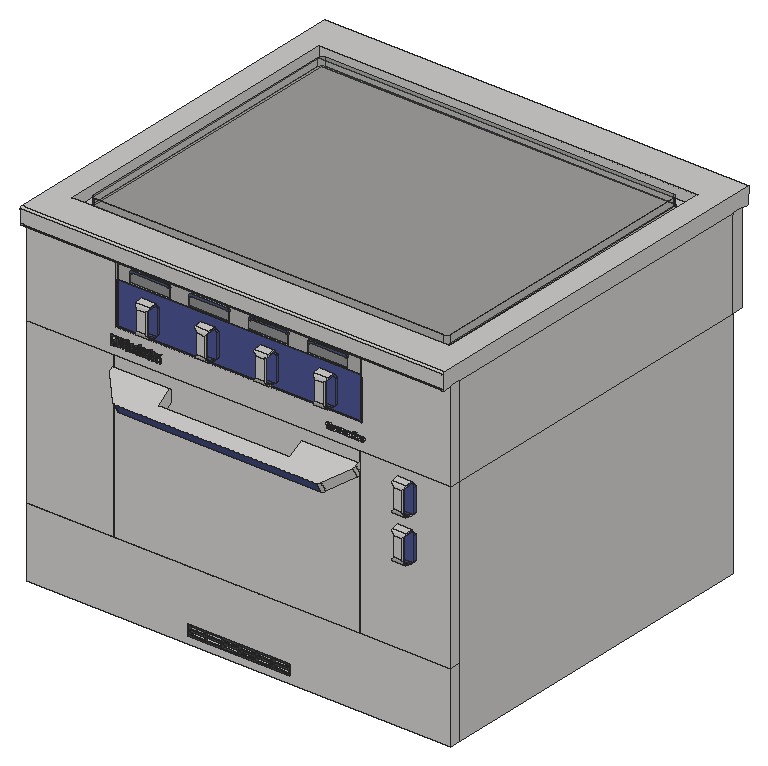
Revit family "QF_ELECTROLUXPROFESSIONAL_589663_MCTGFAJ8AO", category Attrezzature speciali, Revit 2020
Family settings
  Quota connettore circolare = Usa diametro
  Tipo di parte = Normale
  Basato su piano di lavoro = No
  Sempre verticale = Sì
  Taglio con vuoti quando caricato = No
  Condiviso = No
  Punto di calcolo locali = No
Parameters (values of type "Standard")
  Weight = 258.00 kg
  Watts = 21300 W
  Volts = 400 V
  URL Manufacturer = "https://www.electroluxprofessional.com/"
  URL = "https://www.electroluxprofessional.com/"
  Steam Supply Size = 0"
  Steam Supply Minimum Pressure = 0.00 psi
  Steam Supply Maximum Pressure = 0.00 psi
  Steam Consumption per Hour = 0
  Refrigeration Suction Line Size = 0 mm
  Refrigeration Liquid Line Size = 0 mm
  Refrigerant Compressor Remote = yes
  Prospetto di default = 0 mm
  Phase = 3
  Modello = "MCTGFAJ8AO"
  Produttore = "Electrolux Professional"
  Length Actual = 1000 mm  # constant formula
  Item Number = "589663"
  Hot Water Size = 0"
  Height Actual = 800 mm  # constant formula
  HP = "28.6 HP"
  Gas Size = 0"
  Gas KW = 0
  Gas Input Pressure = 0.0 Btu/h
  Direct Waste Size = 0"
  Descrizione = "EL.FREE COOK.ST.OVEN,1S,1000X900X800H"
  Depth Actual = 900 mm  # constant formula
  Cycle = 50 Hz
  Condensate Return Size = 0"
  Compressed Air Volume = 0 GPM
  Compressed Air Size = 0"
  Compressed Air Pressure = 0.00 psi
  Cold Water Size = 0"
  Accessory = yes
Reference planes
  plane 1 "BACK": y = 0
  plane 2: z = 0
  plane 3 "LEFT": x = -100
  plane 4 "RIGHT": x = 900
  plane 5 "FRONT": y = -900
  plane 6 "TOP": z = 900
  plane 7 "Center (Left/Right)": x = 400
  plane 8: y = -450
  plane 9: z = 100
  plane 10: y = -150
  plane 11 "Panel": y = -855
  plane 12: z = 798
  plane 13: z = 1327
  plane 14: x = -22
  plane 15: x = 822
  plane 16: y = -150
  plane 17: y = -650
  plane 18 "EIx": x = 855
  plane 19 "EIy": y = -685
  plane 20: y = -880
  plane 21: z = 938
Forms (mm)
  Extrusion 1, solid, material "QF_Finishes_Stainless Steel"
    sketch origin (-178.969, -4572, 100) x (-1, 0, 0) y (0, -1, 0)
      loop
        line (-78.969, -4527) -> (-78.969, -3717) -> (-1078.969, -3717) -> (-1078.969, -4527) -> (-78.969, -4527)
    from 550 to 762.969
  Extrusion 2, solid, material "QF_Finishes_Stainless Steel"
    sketch origin (-100, 0, -100) x (0, 1, 0) y (0, 0, 1)
      loop
        line (-855, 200) -> (-855, 365) -> (-880, 365) -> (-880, 200) -> (-855, 200)
    from 0 to 1000
  Extrusion 3, solid, material "QF_Finishes_Stainless Steel"
    sketch origin (-488.969, -4662, 100) x (-1, 0, 0) y (0, -1, 0)
      loop
        circle (-1343.969, -3977) r 6.35
    from 0 to -11.851
  Extrusion 4, solid, material "QF_Finishes_Stainless Steel"
    sketch origin (400, 296.4, 1219.2) x (0, 1, 0) y (0, 0, 1)
      loop
        line (-296.4, -319.2) -> (-1191.4, -319.2)
        arc (-1191.4, -319.2) -> (-1194.935, -320.664) -> (-1196.4, -324.2) r 5
        line (-1196.4, -324.2) -> (-1196.4, -355.2)
        arc (-1196.4, -355.2) -> (-1194.971, -358.264) -> (-1191.705, -359.139) r 4
        line (-1191.705, -359.139) -> (-1176.4, -356.231) -> (-316.4, -356.231) -> (-301.094, -359.139)
        arc (-301.094, -359.139) -> (-297.829, -358.264) -> (-296.4, -355.2) r 4
        line (-296.4, -355.2) -> (-296.4, -319.2)
    from -500 to 500
  Extrusion 5, solid, material "QF_Finishes_Electrolux_Black Smoke Iluminated"
    sketch origin (0, 0, 900) x (-1, 0, 0) y (0, -1, 0)
      loop
        arc (12, 109) -> (19.071, 111.929) -> (22, 119) r 10
        line (22, 119) -> (22, 780)
        arc (22, 780) -> (19.071, 787.071) -> (12, 790) r 10
        line (12, 790) -> (-812, 790)
        arc (-812, 790) -> (-819.071, 787.071) -> (-822, 780) r 10
        line (-822, 780) -> (-822, 119)
        arc (-822, 119) -> (-819.071, 111.929) -> (-812, 109) r 10
        line (-812, 109) -> (12, 109)
    from 0 to -20
  Extrusion 6, solid, material "QF_Finishes_Stainless Steel"
    sketch origin (-178.969, -4572, 100) x (-1, 0, 0) y (0, -1, 0)
      loop
        line (-78.969, -4527) -> (-78.969, -3717) -> (-1078.969, -3717) -> (-1078.969, -4527) -> (-78.969, -4527)
    from 550 to 0
  Extrusion 7, void
    sketch origin (0, -855, -100) x (-1, 0, 0) y (0, 0, 1)
      loop
        line (-520, 216.594) -> (-280, 216.594) -> (-280, 241.594) -> (-520, 241.594) -> (-520, 216.594)
    from 0 to -25
  Extrusion 8, solid, material "QF_Finishes_Black"
    sketch origin (0, -855, -100) x (-1, 0, 0) y (0, 0, 1)
      loop
        line (-280, 241.594) -> (-520, 241.594) -> (-520, 216.594) -> (-280, 216.594) -> (-280, 241.594)
      loop
        line (-282, 239.594) -> (-319.131, 239.594) -> (-319.131, 230.094) -> (-282, 230.094) -> (-282, 239.594)
      loop
        line (-282, 218.594) -> (-282, 228.094) -> (-319.131, 228.094) -> (-319.131, 218.594) -> (-282, 218.594)
      loop
        line (-321.131, 239.594) -> (-359.066, 239.594) -> (-359.066, 230.094) -> (-321.131, 230.094) -> (-321.131, 239.594)
      loop
        line (-399, 239.594) -> (-399, 230.094) -> (-361.066, 230.094) -> (-361.066, 239.594) -> (-399, 239.594)
      loop
        line (-401, 239.594) -> (-438.934, 239.594) -> (-438.934, 230.094) -> (-401, 230.094) -> (-401, 239.594)
      loop
        line (-359.066, 218.594) -> (-321.131, 218.594) -> (-321.131, 228.094) -> (-359.066, 228.094) -> (-359.066, 218.594)
      loop
        line (-361.066, 218.594) -> (-361.066, 228.094) -> (-399, 228.094) -> (-399, 218.594) -> (-361.066, 218.594)
      loop
        line (-401, 228.094) -> (-438.934, 228.094) -> (-438.934, 218.594) -> (-401, 218.594) -> (-401, 228.094)
      loop
        line (-518, 239.594) -> (-518, 230.094) -> (-480.869, 230.094) -> (-480.869, 239.594) -> (-518, 239.594)
      loop
        line (-518, 218.594) -> (-480.869, 218.594) -> (-480.869, 228.094) -> (-518, 228.094) -> (-518, 218.594)
      loop
        line (-478.869, 239.594) -> (-478.869, 230.094) -> (-440.934, 230.094) -> (-440.934, 239.594) -> (-478.869, 239.594)
      loop
        line (-440.934, 218.594) -> (-440.934, 228.094) -> (-478.869, 228.094) -> (-478.869, 218.594) -> (-440.934, 218.594)
    from -25.03 to -20
  Extrusion 9, void
    sketch origin (0, 0, 900) x (-1, 0, 0) y (0, -1, 0)
      loop
        line (47, 815) -> (-847, 815) -> (-847, 84) -> (47, 84) -> (47, 815)
    from 0 to -25
  Extrusion 10, solid, material "QF_Finishes_Stainless Steel"
    sketch origin (0, 0, 900) x (-1, 0, 0) y (0, -1, 0)
      loop
        line (18, 113) -> (18, 786) -> (-818, 786) -> (-818, 113) -> (18, 113)
    from -20 to -25
  Extrusion 11, solid, material "QF_Finishes_Stainless Steel"
    sketch origin (400, 296.4, 1219.2) x (0, 1, 0) y (0, 0, 1)
      loop
        line (-341.4, -569.2) -> (-316.4, -569.2) -> (-316.4, -356.231) -> (-341.4, -356.231) -> (-341.4, -569.2)
    from -500 to 500
Cuts and joins
  Extrusion 7 cuts Extrusion 6
  Extrusion 7 cuts Extrusion 2
  Extrusion 9 cuts Extrusion 4
Lines and regions (mm)
  symbolic lines
    curve 1: line (-100, 0, 100) -> (900, 0, 100)
    curve 2: line (-100, -900, 100) -> (-100, 0, 100)
    curve 3: line (900, -900, 100) -> (-100, -900, 100)
    curve 4: line (900, 0, 100) -> (900, -900, 100)
    curve 5: line (812, -109, 100) -> (-12, -109, 100)
    curve 6: line (-22, -119, 100) -> (-22, -780, 100)
    curve 7: line (-12, -790, 100) -> (812, -790, 100)
    curve 8: line (822, -780, 100) -> (822, -119, 100)
    curve 9: arc (-12, -109, 100) -> (-19.071, -111.929, 100) -> (-22, -119, 100) r 10
    curve 10: arc (822, -119, 100) -> (819.071, -111.929, 100) -> (812, -109, 100) r 10
    curve 11: arc (812, -790, 100) -> (819.071, -787.071, 100) -> (822, -780, 100) r 10
    curve 12: arc (-22, -780, 100) -> (-19.071, -787.071, 100) -> (-12, -790, 100) r 10
    curve 13: line (847, -84, 900) -> (-47, -84, 900)
    curve 14: line (-47, -84, 900) -> (-47, -815, 900)
    curve 15: line (847, -815, 900) -> (847, -84, 900)
    curve 16: line (-47, -815, 900) -> (847, -815, 900)
Dimensions and locks
  plane 3 "LEFT" to plane 4 "RIGHT" = 1000 mm
  plane 5 "FRONT" to plane 1 "BACK" = 900 mm
  plane 3 "LEFT" to plane 7 "Center (Left/Right)" to plane 4 "RIGHT" = 500 mm, 500 mm
  equal spacing: plane 5 "FRONT", plane 8, plane 1 "BACK"
  plane 6 "TOP" to level = 900 mm  (x2)
  plane 9 to level = 100 mm
  plane 1 "BACK" to plane 10 to plane 11 "Panel" = 150 mm, 705 mm  (x2)
  plane 6 "TOP" to plane 9 to level = 800 mm, 100 mm
  plane 1 "BACK" to plane 5 "FRONT" = 900 mm
  plane 1 "BACK" to Extrusion 3 = 685 mm
  plane 12 to plane 9 = 698 mm
  plane 13 to plane 6 "TOP" = 427 mm
  plane 6 "TOP" to plane 12 = 102 mm
  plane 14 to plane 3 "LEFT" = 78 mm
  plane 15 to plane 4 "RIGHT" = 78 mm
  locked: plane 1 "BACK" to plane 16 at 150
  locked: plane 16 to plane 17 at 500
  plane 11 "Panel" to plane 5 "FRONT" = 45 mm
  plane 18 "EIx" to plane 4 "RIGHT" = 45 mm
  plane 19 "EIy" to plane 1 "BACK" = 685 mm
  locked: plane 11 "Panel" to plane 20 at 25
  plane 21 to plane 6 "TOP" = 38 mm
  aligned and locked: level to plane 2
  aligned and locked: Extrusion 2 to plane 4 "RIGHT"
  aligned and locked: cut or joined group of Extrusion 4, Extrusion 9 to plane 3 "LEFT"
  aligned and locked: cut or joined group of Extrusion 4, Extrusion 9 to plane 4 "RIGHT"
  aligned and locked: cut or joined group of Extrusion 6, Extrusion 7 to plane 4 "RIGHT"
  aligned and locked: cut or joined group of Extrusion 6, Extrusion 7 to plane 3 "LEFT"
  aligned and locked: nested 1 to plane 11 "Panel"
  aligned and locked: nested 4 to plane 11 "Panel"
  aligned and locked: Extrusion 1 to plane 11 "Panel"
  aligned and locked: plane 11 "Panel" to cut or joined group of Extrusion 2, Extrusion 7
  aligned and locked: nested 2 to plane 20
  aligned and locked: nested 3 to plane 20
  aligned and locked: Extrusion 1 to plane 3 "LEFT"
  aligned and locked: Extrusion 1 to plane 4 "RIGHT"
  aligned and locked: plane 3 "LEFT" to nested 1
  aligned and locked: cut or joined group of Extrusion 2, Extrusion 7 to nested 1
  aligned and locked: Extrusion 1 to cut or joined group of Extrusion 4, Extrusion 9
  aligned and locked: cut or joined group of Extrusion 6, Extrusion 7 to nested 4
  aligned and locked: Extrusion 1 to cut or joined group of Extrusion 6, Extrusion 7
  aligned and locked: Extrusion 11 to plane 3 "LEFT"
  aligned and locked: Extrusion 11 to plane 4 "RIGHT"
Automatic sketch dimensions
  Extrusion 1 sketch curve to plane 4 "RIGHT" = 0 mm
  Extrusion 1 sketch curve to plane 3 "LEFT" = 0 mm
  Extrusion 1 sketch curve to plane 11 "Panel" = 0 mm
  plane 1 "BACK" to Extrusion 1 sketch curve = 45 mm
  Extrusion 2 sketch curve to plane 9 = 0 mm
  Extrusion 2 sketch curve to plane 20 = 0 mm
  Extrusion 2 sketch curve to plane 11 "Panel" = 0 mm
  plane 9 to Extrusion 2 sketch curve = 165 mm
  plane 1 "BACK" to curve 1 = 0 mm
  curve 1 to plane 4 "RIGHT" = 0 mm
  curve 8 to plane 15 = 0 mm
  curve 6 to plane 14 = 0 mm
  curve 2 to plane 3 "LEFT" = 0 mm
  plane 5 "FRONT" to curve 3 = 0 mm
  plane 15 to curve 5 = 10 mm
  plane 15 to curve 11 = 10 mm
  curve 5 to plane 14 = 10 mm
  curve 12 to curve 12 = 10 mm
  plane 10 to curve 5 = 41 mm
  plane 11 "Panel" to curve 11 = 75 mm
  Extrusion 3 sketch curve to plane 18 "EIx" = 0 mm
  Extrusion 3 sketch curve to plane 19 "EIy" = 0 mm
  Extrusion 4 sketch curve to plane 5 "FRONT" = 0 mm
  Extrusion 4 sketch curve to plane 6 "TOP" = 0 mm
  Extrusion 4 sketch curve to plane 20 = 0 mm
  Extrusion 4 sketch curve to plane 1 "BACK" = 0 mm
  Extrusion 4 sketch curve to Extrusion 4 sketch curve = 4 mm
  Extrusion 4 sketch curve to Extrusion 4 sketch curve = 0.695 mm
  Extrusion 4 sketch curve to plane 5 "FRONT" = 5 mm
  plane 1 "BACK" to Extrusion 4 sketch curve = 20 mm
  plane 1 "BACK" to Extrusion 4 sketch curve = 4.695 mm
  plane 1 "BACK" to Extrusion 4 sketch curve = 4 mm
  Extrusion 4 sketch curve to Extrusion 4 sketch curve = 31 mm
  Extrusion 4 sketch curve to Extrusion 4 sketch curve = 36 mm
  Extrusion 4 sketch curve to Extrusion 4 sketch curve = 2.909 mm
  Extrusion 5 sketch curve to plane 15 = 0 mm
  Extrusion 5 sketch curve to plane 14 = 0 mm
  plane 15 to Extrusion 5 sketch curve = 10 mm  (x2)
  Extrusion 5 sketch curve to Extrusion 5 sketch curve = 10 mm  (x2)
  plane 10 to Extrusion 5 sketch curve = 41 mm
  plane 11 "Panel" to Extrusion 5 sketch curve = 75 mm
  Extrusion 6 sketch curve to plane 4 "RIGHT" = 0 mm
  Extrusion 6 sketch curve to plane 3 "LEFT" = 0 mm
  Extrusion 6 sketch curve to plane 11 "Panel" = 0 mm
  plane 1 "BACK" to Extrusion 6 sketch curve = 45 mm
  plane 9 to Extrusion 7 sketch curve = 41.594 mm
  plane 7 "Center (Left/Right)" to Extrusion 7 sketch curve = 120 mm
  Extrusion 7 sketch curve to plane 7 "Center (Left/Right)" = 120 mm
  plane 9 to Extrusion 7 sketch curve = 16.594 mm
  plane 9 to Extrusion 8 sketch curve = 41.594 mm
  plane 7 "Center (Left/Right)" to Extrusion 8 sketch curve = 120 mm
  Extrusion 8 sketch curve to Extrusion 8 sketch curve = 2 mm  (x15)
  Extrusion 8 sketch curve to Extrusion 8 sketch curve = 0 mm  (x16)
  Extrusion 8 sketch curve to Extrusion 8 sketch curve = 37.131 mm  (x2)
  Extrusion 8 sketch curve to Extrusion 8 sketch curve = 37.934 mm  (x3)
  plane 7 "Center (Left/Right)" to Extrusion 8 sketch curve = 1 mm  (x2)
  Extrusion 8 sketch curve to plane 7 "Center (Left/Right)" = 1 mm  (x2)
  plane 9 to Extrusion 8 sketch curve = 18.594 mm  (x4)
  Extrusion 8 sketch curve to Extrusion 8 sketch curve = 9.5 mm  (x6)
  plane 18 "EIx" to Extrusion 9 sketch curve = 8 mm
  plane 14 to Extrusion 9 sketch curve = 25 mm
  plane 10 to Extrusion 9 sketch curve = 66 mm
  plane 11 "Panel" to Extrusion 9 sketch curve = 40 mm
  plane 15 to Extrusion 10 sketch curve = 4 mm
  Extrusion 10 sketch curve to plane 14 = 4 mm
  plane 10 to Extrusion 10 sketch curve = 37 mm
  plane 11 "Panel" to Extrusion 10 sketch curve = 69 mm
  plane 18 "EIx" to curve 16 = 8 mm
  plane 14 to curve 16 = 25 mm
  plane 10 to curve 14 = 66 mm
  plane 11 "Panel" to curve 16 = 40 mm
  plane 1 "BACK" to Extrusion 11 sketch curve = 45 mm
  plane 1 "BACK" to Extrusion 11 sketch curve = 20 mm
  Extrusion 11 sketch curve to plane 12 = 148 mm
  Extrusion 11 sketch curve to plane 6 "TOP" = 37.031 mm
  radius of Extrusion 3 sketch curve = 6.35 mm
Nested families
  nested 1: "Door_Panel_W1000_A" at (400, -855, 0), type "Door_Panel_W1000_A"
  nested 2: "FIT Range Control Handle" at (795, -883.137, -372.751), type "FIT Range Control Handle"
  nested 3: "FIT Range Control Handle" at (795, -883.137, -474.751), type "FIT Range Control Handle"
  nested 4: "Front_Panel_W1000_4 Knobs" at (102.376, -855, 0), type "Front_Panel_W1000_4 Knobs"
Connectors
  electrical at (855, -685, 88.149)
    settings: on Extrusion 3, index 1, voltage 400 V, apparent load 33000 VA, apparent load phase1 0 VA, apparent load phase2 0 VA, apparent load phase3 0 VA, power factor 1, load classification "Other", number of poles 1, system type 30, power factor state 1, is connector primary yes, connector utility no, sub classification motor no, connector description "ELECTRICAL CONNECTION"
Definition of nested family "Door_Panel_W1000_A"
  Parameters
    Default Elevation = 0 mm
  Reference planes
    plane 1 "Center (Front/Back)": y = 0
    plane 2 "Ref. Level": z = 0
    plane 3: x = 500
    plane 4: x = -500
    plane 5 "Center (Left/Right)": x = 0
    plane 6: x = -295
    plane 7: x = 285
    plane 8 "Manopola": through (-6096, -50.059, 612.389) normal (0, -0.515, 0.8572)
    plane 9 "Top": z = 650
    plane 10: z = 265
    plane 11: z = 200
  Forms (mm)
    Extrusion 1, solid
      sketch origin (0, 0, 0) x (0, 1, 0) y (0, 0, 1)
        loop
          line (-25.03, 650) -> (-25.03, 265) -> (0, 265) -> (0, 650) -> (-25.03, 650)
      from 285 to 500
    Extrusion 2, solid
      sketch origin (0, 0, 0) x (0, 1, 0) y (0, 0, 1)
        loop
          line (-25.03, 650) -> (-25.03, 265) -> (0, 265) -> (0, 650) -> (-25.03, 650)
      from -500 to -295
    Extrusion 3, solid
      sketch origin (0, 0, 0) x (0, 1, 0) y (0, 0, 1)
        loop
          line (-25.03, 650) -> (-25.03, 265) -> (0, 265) -> (0, 650) -> (-25.03, 650)
      from -295 to 285
    Extrusion 4, solid
      sketch origin (0, -283.633, 472.044) x (0, 0.857167, 0.515038) y (-1, 0, 0)
        loop
          line (299.12, -285) -> (299.12, 295) -> (290.982, 295)
          arc (290.982, 295) -> (286.677, 294.026) -> (283.211, 291.293) r 10
          line (283.211, 291.293) -> (233.28, 250.86)
          arc (233.28, 250.86) -> (230.548, 247.394) -> (229.574, 243.089) r 10
          line (229.574, 243.089) -> (229.574, -233.089)
          arc (229.574, -233.089) -> (230.548, -237.394) -> (233.28, -240.86) r 10
          line (233.28, -240.86) -> (283.211, -281.293)
          arc (283.211, -281.293) -> (286.677, -284.026) -> (290.982, -285) r 10
          line (290.982, -285) -> (299.12, -285)
      from -27 to 0
    Extrusion 5, void
      sketch origin (0, 0, 0) x (0, 1, 0) y (0, 0, 1)
        loop
          line (-61.514, 605.507) -> (-47.608, 582.363) -> (-25.03, 595.93) -> (-25.03, 627.429) -> (-61.514, 605.507)
      from -160 to 150
    Extrusion 6, solid, detail levels coarse
      sketch origin (0, 0, 0) x (0, 1, 0) y (0, 0, 1)
        loop
          line (-25.03, 265) -> (-25.03, 650)
          arc (-25.03, 650) -> (-297.266, 537.236) -> (-410.03, 265) r 385
          line (-410.03, 265) -> (-25.03, 265)
      from -295 to 285
  Cuts and joins
    Extrusion 5 cuts Extrusion 4
    joined: Extrusion 3, Extrusion 4
  Lines and regions (mm)
    symbolic lines
      curve 1: line (-287.355, -45.043, 0) -> (-250.86, -83.673, 0)
      curve 2: line (-243.089, -86.85, 0) -> (233.089, -86.85, 0)
      curve 3: line (240.86, -83.673, 0) -> (277.355, -45.043, 0)
      curve 4: arc (-243.089, -86.85, 0) -> (-247.318, -86.101, 0) -> (-250.86, -83.673, 0) r 10.165
      curve 5: arc (233.089, -86.85, 0) -> (237.318, -86.101, 0) -> (240.86, -83.673, 0) r 10.165
      curve 6: line (-295, -45.043, 0) -> (-295, -410.03, 0)
      curve 7: line (-295, -410.03, 0) -> (285, -410.03, 0)
      curve 8: line (285, -410.03, 0) -> (285, -45.03, 0)
  Dimensions and locks
    plane 3 to plane 4 = 1000 mm
    plane 4 to plane 3 = 1000 mm
    equal spacing: plane 3, plane 5 "Center (Left/Right)", plane 4
    plane 6 to plane 4 = 205 mm
    plane 3 to plane 7 = 215 mm
    plane 11 to level = 200 mm
    plane 10 to plane 11 = 65 mm
    plane 10 to plane 9 "Top" = 385 mm
    plane 9 "Top" to plane 11 = 450 mm
    aligned and locked: plane 3 to Extrusion 1
    aligned and locked: cut or joined group of Extrusion 3, Extrusion 4, Extrusion 5 to plane 6
    aligned and locked: cut or joined group of Extrusion 3, Extrusion 4, Extrusion 5 to plane 7
    aligned and locked: plane 7 to Extrusion 1
    aligned and locked: plane 6 to Extrusion 2
    aligned and locked: Extrusion 2 to plane 4
    aligned and locked: plane 10 to Extrusion 2
    aligned and locked: plane 10 to cut or joined group of Extrusion 3, Extrusion 4, Extrusion 5
    aligned and locked: plane 10 to Extrusion 1
    aligned and locked: Extrusion 6 to plane 6
    aligned and locked: Extrusion 6 to plane 7
  Automatic sketch dimensions
    Extrusion 5 sketch curve to plane 8 "Manopola" = 0 mm  (x2)
    plane 1 "Center (Front/Back)" to Extrusion 5 sketch curve = 61.514 mm
    Extrusion 5 sketch curve to Extrusion 5 sketch curve = 13.906 mm
    plane 1 "Center (Front/Back)" to Extrusion 5 sketch curve = 25.03 mm
    Extrusion 4 sketch curve to plane 7 = 0 mm
    Extrusion 4 sketch curve to plane 6 = 0 mm
    plane 6 to Extrusion 4 sketch curve = 51.911 mm
    plane 7 to Extrusion 4 sketch curve = 44.14 mm
    Extrusion 4 sketch curve to Extrusion 4 sketch curve = 3.707 mm  (x2)
    plane 6 to Extrusion 4 sketch curve = 44.14 mm
    plane 7 to Extrusion 4 sketch curve = 3.707 mm
    Extrusion 4 sketch curve to Extrusion 4 sketch curve = 49.93 mm  (x2)
    plane 6 to Extrusion 4 sketch curve = 3.707 mm
    Extrusion 4 sketch curve to Extrusion 4 sketch curve = 7.771 mm  (x3)
    Extrusion 4 sketch curve to Extrusion 4 sketch curve = 8.138 mm
    Extrusion 2 sketch curve to plane 1 "Center (Front/Back)" = 0 mm
    Extrusion 3 sketch curve to plane 1 "Center (Front/Back)" = 0 mm
    Extrusion 1 sketch curve to plane 1 "Center (Front/Back)" = 0 mm
    Extrusion 2 sketch curve to plane 9 "Top" = 0 mm
    Extrusion 2 sketch curve to Extrusion 2 sketch curve = 25.03 mm
    Extrusion 3 sketch curve to plane 9 "Top" = 0 mm
    Extrusion 3 sketch curve to Extrusion 3 sketch curve = 25.03 mm
    Extrusion 1 sketch curve to plane 9 "Top" = 0 mm
    plane 1 "Center (Front/Back)" to Extrusion 1 sketch curve = 25.03 mm
    level to Extrusion 1 sketch curve = 265 mm
    level to Extrusion 2 sketch curve = 265 mm
    level to Extrusion 3 sketch curve = 265 mm
    plane 10 to Extrusion 6 sketch curve = 0 mm
    Extrusion 6 sketch curve to plane 9 "Top" = 0 mm
    plane 1 "Center (Front/Back)" to Extrusion 6 sketch curve = 25.03 mm
    curve 7 to plane 7 = 0 mm
    plane 6 to curve 1 = 44.14 mm
    curve 4 to curve 4 = 7.389 mm
    curve 4 to curve 2 = 7.771 mm
    plane 7 to curve 2 = 51.911 mm
    curve 2 to curve 5 = 0.382 mm
    curve 2 to curve 3 = 7.771 mm
    plane 1 "Center (Front/Back)" to curve 6 = 410.03 mm
    plane 1 "Center (Front/Back)" to curve 2 = 86.85 mm
    curve 2 to curve 3 = 3.177 mm
    curve 2 to curve 1 = 3.177 mm
    plane 7 to curve 3 = 7.645 mm
    plane 1 "Center (Front/Back)" to curve 3 = 45.043 mm
    curve 3 to curve 8 = 0.013 mm
    curve 7 to plane 6 = 0 mm
    curve 6 to curve 1 = 7.645 mm
    plane 1 "Center (Front/Back)" to curve 1 = 45.043 mm
    curve 6 to curve 1 = 0 mm
Definition of nested family "FIT Range Control Handle"
  Parameters
    Default Elevation = 0 mm
  Reference planes
    plane 1 "Center (Front/Back)": y = 0
    plane 2: z = 0
    plane 3 "Center (Left/Right)": x = 0
    plane 4: z = 971.092
    plane 5: y = -16.8
  Forms (mm)
    Extrusion 1, solid
      sketch origin (-746.28, 380.497, 208.931) x (-1, 0, 0) y (0, 0, 1)
        loop
          line (-770.101, 786.798) -> (-770.101, 731.649)
          arc (-770.101, 731.649) -> (-769.759, 730.563) -> (-768.855, 729.87) r 1.893
          line (-768.855, 729.87) -> (-763.474, 727.911) -> (-729.81, 727.911) -> (-724.428, 729.87)
          arc (-724.428, 729.87) -> (-723.525, 730.563) -> (-723.183, 731.649) r 1.893
          line (-723.183, 731.649) -> (-723.183, 786.798)
          arc (-723.183, 786.798) -> (-723.529, 787.894) -> (-724.44, 788.593) r 1.91
          line (-724.44, 788.593) -> (-729.683, 790.819) -> (-763.601, 790.819) -> (-768.844, 788.593)
          arc (-768.844, 788.593) -> (-769.755, 787.894) -> (-770.101, 786.798) r 1.91
      from -382.35 to -378.852
    Sweep 2, solid
      path origin (-746.788, 380.496, 208.091) x (0, -1, 0) y (0, 0, 1)
        loop
          line (379.775, 793.281) -> (395.661, 791.048)
          arc (395.661, 791.048) -> (397.781, 787.377) -> (398.517, 783.202) r 12.207
          line (398.517, 783.202) -> (398.517, 737.368)
          arc (398.517, 737.368) -> (397.781, 733.193) -> (395.661, 729.522) r 12.207
          line (395.661, 729.522) -> (379.775, 727.289)
      profile origin (-746.788, -7.222, 1000.256) x (0, -0.139173, 0.990268) y (-1, 0, 0)
        loop
          line (0.782, -763.123) -> (0.782, -730.907) -> (-1.322, -730.907) -> (-1.322, -763.123) -> (0.782, -763.123)
    Sweep 3, solid
      path origin (-746.788, 380.715, 207.832) x (0, -1, 0) y (0, 0, 1)
        loop
          line (380.478, 795.442) -> (397.218, 793.09)
          arc (397.218, 793.09) -> (399.929, 788.473) -> (400.871, 783.202) r 15.207
          line (400.871, 783.202) -> (400.871, 737.584)
          arc (400.871, 737.584) -> (399.914, 732.274) -> (397.164, 727.633) r 15.207
          line (397.164, 727.633) -> (380.601, 725.305)
      profile origin (-746.788, -8.132, 1002.099) x (0, -0.139173, 0.990268) y (-1, 0, 0)
        loop
          line (0.782, -763.123) -> (0.782, -730.907) -> (-1.322, -730.907) -> (-1.322, -763.123) -> (0.782, -763.123)
    Extrusion 4, void
      sketch origin (889.253, 220.666, 207.993) x (1, 0, 0) y (0, 0, 1)
        loop
          line (-943.038, 816.854) -> (-943.038, 703.686) -> (-899.466, 734.196) -> (-899.466, 786.344) -> (-943.038, 816.854)
      from 230.636 to 242.25
    Extrusion 5, void
      sketch origin (-888.8, 220.666, 207.993) x (-1, 0, 0) y (0, 0, -1)
        loop
          line (-943.038, -816.854) -> (-899.466, -786.344) -> (-899.466, -734.196) -> (-943.038, -703.686) -> (-943.038, -816.854)
      from 230.636 to 242.25
    Extrusion 6, solid
      sketch origin (0, 0, 0) x (1, 0, 0) y (0, 0, 1)
        loop
          circle (0, 971.092) r 7.736
      from -3.137 to -1.645
  Cuts and joins
    Extrusion 4, Extrusion 5 cuts Sweep 3
    Extrusion 4, Extrusion 5 cuts Sweep 2
    joined: Extrusion 1, Extrusion 6
  Lines and regions (mm)
    symbolic lines
      curve 1: line (-15.881, -19.189, 0) -> (-15.881, -16.8, 0)
      curve 2: line (16.334, -19.189, 0) -> (16.334, -16.8, 0)
      curve 3: spline (-15.881, -19.189, 0) -> (-15.417, -19.349, 0) -> (-14.951, -19.501, 0) -> (-14.483, -19.646, 0) -> (-14.014, -19.783, 0) -> (-13.543, -19.912, 0) -> (-13.071, -20.033, 0) -> (-12.597, -20.146, 0) -> (-12.122, -20.251, 0) -> (-11.646, -20.349, 0) -> (-11.169, -20.438, 0) -> (-10.691, -20.52, 0) -> (-10.213, -20.593, 0)
      curve 4: spline (10.666, -20.593, 0) -> (11.144, -20.52, 0) -> (11.622, -20.438, 0) -> (12.099, -20.349, 0) -> (12.575, -20.251, 0) -> (13.05, -20.146, 0) -> (13.524, -20.033, 0) -> (13.996, -19.912, 0) -> (14.467, -19.783, 0) -> (14.936, -19.646, 0) -> (15.404, -19.501, 0) -> (15.87, -19.349, 0) -> (16.334, -19.189, 0)
      curve 5: line (-10.213, -20.938, 0) -> (10.716, -20.938, 0)
  Dimensions and locks
    cut or joined group of Sweep 3, Extrusion 4, Extrusion 5 to cut or joined group of Sweep 3, Extrusion 4, Extrusion 5 = 71.686 mm
Definition of nested family "Front_Panel_W1000_4 Knobs"
  Parameters
    Default Elevation = 0 mm
  Reference planes
    plane 1 "Center (Front/Back)": y = 0
    plane 2: z = 0
    plane 3 "Center (Left/Right)": x = 297.624
    plane 4 "Left": x = -202.376
    plane 5 "Right": x = 797.624
    plane 6: y = -45
    plane 7: x = 87.624
    plane 8: x = 227.624
    plane 9: y = -310
    plane 10: y = -25
    plane 11: x = -2.376
    plane 12: x = 367.624
    plane 13: x = 507.624
    plane 14: x = 594.715
  Forms (mm)
    Extrusion 1, solid
      sketch origin (833.217, 829.203, -1.25) x (0, 1, 0) y (0, 0, 1)
        loop
          line (-854.203, 651.25) -> (-829.203, 651.25) -> (-829.203, 864.25) -> (-854.203, 864.25) -> (-854.203, 651.25)
      from -1035.593 to -35.593
    Extrusion 2, void
      sketch origin (0, 0, 0) x (1, 0, 0) y (0, 0, 1)
        loop
          line (7.624, 853.866) -> (7.624, 711.866) -> (587.624, 711.866) -> (587.624, 853.866) -> (7.624, 853.866)
      from 19.387 to 33.951
  Cuts and joins
    Extrusion 2 cuts Extrusion 1
  Lines and regions (mm)
    symbolic lines
      curve 1: line (131.124, -45, 0) -> (131.124, -310, 0)
      curve 2: line (131.124, -310, 0) -> (464.124, -310, 0)
      curve 3: line (235.966, -310, 0) -> (240.646, -334.075, 0)
      curve 4: line (240.646, -334.075, 0) -> (354.603, -334.075, 0)
      curve 5: line (354.603, -334.075, 0) -> (359.283, -310, 0)
      curve 6: line (464.124, -310, 0) -> (464.124, -45, 0)
      curve 7: line (131.124, -300, 0) -> (464.124, -300, 0)
      curve 8: line (240.874, -309.046, 0) -> (244.767, -329.075, 0)
      curve 9: line (244.767, -329.075, 0) -> (350.481, -329.075, 0)
      curve 10: line (350.481, -329.075, 0) -> (354.375, -309.046, 0)
  Dimensions and locks
    equal spacing: plane 5 "Right", plane 3 "Center (Left/Right)", plane 4 "Left"
    plane 5 "Right" to plane 4 "Left" = 1000 mm
    plane 3 "Center (Left/Right)" to plane 7 = 210 mm
    plane 3 "Center (Left/Right)" to plane 8 = 70 mm
    plane 6 to plane 9 = 265 mm
    plane 13 to plane 3 "Center (Left/Right)" = 210 mm
    plane 12 to plane 3 "Center (Left/Right)" = 70 mm
    aligned and locked: cut or joined group of Extrusion 1, Extrusion 2 to plane 4 "Left"
    aligned and locked: plane 5 "Right" to cut or joined group of Extrusion 1, Extrusion 2
    aligned and locked: plane 3 "Center (Left/Right)" to nested 2
    aligned and locked: cut or joined group of Extrusion 1, Extrusion 2 to nested 2
  Automatic sketch dimensions
    Extrusion 1 sketch curve to plane 1 "Center (Front/Back)" = 0 mm
    level to Extrusion 1 sketch curve = 650 mm
    plane 4 "Left" to Extrusion 2 sketch curve = 210 mm
    Extrusion 2 sketch curve to plane 5 "Right" = 210 mm
    level to Extrusion 2 sketch curve = 711.866 mm
    Extrusion 2 sketch curve to Extrusion 2 sketch curve = 142 mm
    plane 6 to curve 1 = 0 mm
    plane 6 to curve 6 = 0 mm
    plane 9 to curve 1 = 0 mm
    plane 7 to curve 1 = 43.5 mm
    curve 4 to plane 9 = 24.075 mm
    plane 8 to curve 4 = 13.021 mm
    curve 3 to curve 8 = 4.122 mm
    plane 3 "Center (Left/Right)" to curve 4 = 56.979 mm
    curve 4 to curve 2 = 109.521 mm
    plane 8 to curve 3 = 8.342 mm
    curve 3 to curve 8 = 4.908 mm
    curve 9 to curve 4 = 4.122 mm
    curve 10 to plane 9 = 19.075 mm
    curve 9 to curve 5 = 8.801 mm
    plane 9 to curve 10 = 0.954 mm
    curve 10 to curve 5 = 4.908 mm
    curve 3 to curve 8 = 0.954 mm
    curve 1 to curve 7 = 10 mm
    Extrusion 1 sketch curve to plane 6 = 20 mm
    Extrusion 1 sketch curve to Extrusion 1 sketch curve = 213 mm
  Nested families
    nested 1: "Range Control Handle" at (87.624, -28.137, -209.113) x (-1, 0, 0) z (0, 0, 1), type "Range Control Handle"
    nested 2: "Front glass control panel W1000" at (297.624, 280.644, 2.752), type "Front glass control panel W1000"
    nested 3: "Range Control Handle" at (227.624, -28.137, -209.113) x (-1, 0, 0) z (0, 0, 1), type "Range Control Handle"
    nested 4: "Range Control Handle" at (367.624, -28.137, -209.113), type "Range Control Handle"
    nested 5: "Range Control Handle" at (507.624, -28.137, -209.113), type "Range Control Handle"
    nested 6: "ELX_ThermaLine_Small" at (546.122, -25, 679.426) x (1, 0, 0) z (0, -1, 0), type "ELX_ThermaLine_Small"
      with Show Logo yes, Material_Logo none
    nested 7: "ELX_Professional_Logo_Small" at (57.11, -25, 681.659) x (1, 0, 0) z (0, -1, 0), type "ELX_Professional_Logo_Small"
      with Show Logo yes, Material_Logo none
  Definition of nested family "Range Control Handle"
    Parameters
      Default Elevation = 0 mm
    Reference planes
      plane 1 "Center (Front/Back)": y = 0
      plane 2: z = 0
      plane 3 "Center (Left/Right)": x = 0
      plane 4: z = 971.092
      plane 5: y = -16.9
    Forms (mm)
      Extrusion 1, solid
        sketch origin (-746.28, 380.497, 208.931) x (-1, 0, 0) y (0, 0, 1)
          loop
            line (-770.101, 786.798) -> (-770.101, 731.649)
            arc (-770.101, 731.649) -> (-769.759, 730.563) -> (-768.855, 729.87) r 1.893
            line (-768.855, 729.87) -> (-763.474, 727.911) -> (-729.81, 727.911) -> (-724.428, 729.87)
            arc (-724.428, 729.87) -> (-723.525, 730.563) -> (-723.183, 731.649) r 1.893
            line (-723.183, 731.649) -> (-723.183, 786.798)
            arc (-723.183, 786.798) -> (-723.529, 787.894) -> (-724.44, 788.593) r 1.91
            line (-724.44, 788.593) -> (-729.683, 790.819) -> (-763.601, 790.819) -> (-768.844, 788.593)
            arc (-768.844, 788.593) -> (-769.755, 787.894) -> (-770.101, 786.798) r 1.91
        from -382.35 to -378.852
      Sweep 2, solid
        path origin (-746.788, 380.496, 208.091) x (0, -1, 0) y (0, 0, 1)
          loop
            line (379.775, 793.281) -> (395.661, 791.048)
            arc (395.661, 791.048) -> (397.781, 787.377) -> (398.517, 783.202) r 12.207
            line (398.517, 783.202) -> (398.517, 737.368)
            arc (398.517, 737.368) -> (397.781, 733.193) -> (395.661, 729.522) r 12.207
            line (395.661, 729.522) -> (379.775, 727.289)
        profile origin (-746.788, -7.222, 1000.256) x (0, -0.139173, 0.990268) y (-1, 0, 0)
          loop
            line (0.782, -763.123) -> (0.782, -730.907) -> (-1.322, -730.907) -> (-1.322, -763.123) -> (0.782, -763.123)
      Sweep 3, solid
        path origin (-746.788, 380.715, 207.832) x (0, -1, 0) y (0, 0, 1)
          loop
            line (380.478, 795.442) -> (397.218, 793.09)
            arc (397.218, 793.09) -> (399.929, 788.473) -> (400.871, 783.202) r 15.207
            line (400.871, 783.202) -> (400.871, 737.584)
            arc (400.871, 737.584) -> (399.914, 732.274) -> (397.164, 727.633) r 15.207
            line (397.164, 727.633) -> (380.601, 725.305)
        profile origin (-746.788, -8.132, 1002.099) x (0, -0.139173, 0.990268) y (-1, 0, 0)
          loop
            line (0.782, -763.123) -> (0.782, -730.907) -> (-1.322, -730.907) -> (-1.322, -763.123) -> (0.782, -763.123)
      Extrusion 4, void
        sketch origin (889.253, 220.666, 207.993) x (1, 0, 0) y (0, 0, 1)
          loop
            line (-943.038, 816.854) -> (-943.038, 703.686) -> (-899.466, 734.196) -> (-899.466, 786.344) -> (-943.038, 816.854)
        from 230.636 to 242.25
      Extrusion 5, void
        sketch origin (-888.8, 220.666, 207.993) x (-1, 0, 0) y (0, 0, -1)
          loop
            line (-943.038, -816.854) -> (-899.466, -786.344) -> (-899.466, -734.196) -> (-943.038, -703.686) -> (-943.038, -816.854)
        from 230.636 to 242.25
      Extrusion 6, solid
        sketch origin (0, 0, 0) x (1, 0, 0) y (0, 0, 1)
          loop
            circle (0, 971.092) r 7.736
        from -3.137 to -1.645
    Cuts and joins
      Extrusion 4, Extrusion 5 cuts Sweep 3
      Extrusion 4, Extrusion 5 cuts Sweep 2
      joined: Extrusion 1, Extrusion 6
    Lines and regions (mm)
      symbolic lines
        curve 1: line (16.334, -16.9, 0) -> (16.334, -19.227, 0)
        curve 2: spline (16.334, -19.227, 0) -> (15.87, -19.385, 0) -> (15.404, -19.536, 0) -> (14.936, -19.678, 0) -> (14.466, -19.813, 0) -> (13.995, -19.94, 0) -> (13.523, -20.059, 0) -> (13.049, -20.171, 0) -> (12.575, -20.274, 0) -> (12.099, -20.37, 0) -> (11.622, -20.458, 0) -> (11.144, -20.537, 0) -> (10.666, -20.609, 0)
        curve 3: line (10.666, -16.9, 0) -> (10.666, -20.938, 0)
        curve 4: line (-10.213, -20.938, 0) -> (10.666, -20.938, 0)
        curve 5: line (-10.213, -20.938, 0) -> (-10.213, -16.9, 0)
        curve 6: spline (-10.213, -20.609, 0) -> (-10.691, -20.537, 0) -> (-11.169, -20.458, 0) -> (-11.646, -20.37, 0) -> (-12.122, -20.274, 0) -> (-12.597, -20.171, 0) -> (-13.07, -20.059, 0) -> (-13.542, -19.94, 0) -> (-14.013, -19.813, 0) -> (-14.483, -19.678, 0) -> (-14.951, -19.536, 0) -> (-15.417, -19.385, 0) -> (-15.881, -19.227, 0)
        curve 7: line (-15.881, -19.227, 0) -> (-15.881, -16.9, 0)
  Definition of nested family "Front glass control panel W1000"
    Parameters
      Default Elevation = 0 mm
    Reference planes
      plane 1 "Center (Front/Back)": y = 0
      plane 2: z = 0
      plane 3 "Center (Left/Right)": x = 0
    Forms (mm)
      Extrusion 1, solid
        sketch origin (378.286, 0, 0.617) x (1, 0, 0) y (0, 0, 1)
          loop
            line (-668.286, 806.791) -> (-668.286, 708.497) -> (-88.286, 708.497) -> (-88.286, 806.791) -> (-668.286, 806.791)
        from 300.031 to 304.8
      Extrusion 2, solid
        sketch origin (378.286, 0, 0.617) x (1, 0, 0) y (0, 0, 1)
          loop
            line (-668.286, 850.497) -> (-668.286, 806.791) -> (-88.286, 806.791) -> (-88.286, 850.497) -> (-668.286, 850.497)
        from 300.031 to 304.8
      Extrusion 3, void
        sketch origin (378.286, 0, 0.617) x (1, 0, 0) y (0, 0, 1)
          loop
            line (-665.628, 847.565) -> (-665.628, 710.699) -> (-91.196, 710.699) -> (-91.196, 847.565) -> (-665.628, 847.565)
        from 303.697 to 304.8
      Extrusion 4, solid
        sketch origin (-378.333, 1.101, -0.633) x (-1, 0, 0) y (0, 0, -1)
          loop
            line (-261.431, -812.62) -> (-355.186, -812.62) -> (-355.186, -834.177) -> (-350.269, -834.177) -> (-348.469, -835.977) -> (-268.039, -835.977) -> (-266.24, -834.177) -> (-261.431, -834.177) -> (-261.431, -812.62)
        from 304.798 to 306.745
      Extrusion 5, solid
        sketch origin (-378.333, 1.101, -0.633) x (-1, 0, 0) y (0, 0, -1)
          loop
            line (-350.269, -834.177) -> (-355.078, -834.177)
            arc (-355.078, -834.177) -> (-353.942, -838.747) -> (-349.686, -840.763) r 5.5
            line (-349.686, -840.763) -> (-266.98, -840.763)
            arc (-266.98, -840.763) -> (-262.706, -838.752) -> (-261.529, -834.177) r 5.549
            line (-261.529, -834.177) -> (-266.24, -834.177) -> (-268.039, -835.977) -> (-348.469, -835.977) -> (-350.269, -834.177)
        from 304.798 to 306.745
      Extrusion 6, solid
        sketch origin (-518.333, 1.101, -0.633) x (-1, 0, 0) y (0, 0, -1)
          loop
            line (-261.431, -812.62) -> (-355.186, -812.62) -> (-355.186, -834.177) -> (-350.269, -834.177) -> (-348.469, -835.977) -> (-268.039, -835.977) -> (-266.24, -834.177) -> (-261.431, -834.177) -> (-261.431, -812.62)
        from 304.798 to 306.745
      Extrusion 7, solid
        sketch origin (-518.333, 1.101, -0.633) x (-1, 0, 0) y (0, 0, -1)
          loop
            line (-350.269, -834.177) -> (-355.078, -834.177)
            arc (-355.078, -834.177) -> (-353.942, -838.747) -> (-349.686, -840.763) r 5.5
            line (-349.686, -840.763) -> (-266.98, -840.763)
            arc (-266.98, -840.763) -> (-262.706, -838.752) -> (-261.529, -834.177) r 5.549
            line (-261.529, -834.177) -> (-266.24, -834.177) -> (-268.039, -835.977) -> (-348.469, -835.977) -> (-350.269, -834.177)
        from 304.798 to 306.745
      Extrusion 8, solid
        sketch origin (378.333, 1.101, -0.633) x (1, 0, 0) y (0, 0, 1)
          loop
            line (-261.431, 812.62) -> (-261.431, 834.177) -> (-266.24, 834.177) -> (-268.039, 835.977) -> (-348.469, 835.977) -> (-350.269, 834.177) -> (-355.186, 834.177) -> (-355.186, 812.62) -> (-261.431, 812.62)
        from 304.798 to 306.745
      Extrusion 9, solid
        sketch origin (378.333, 1.101, -0.633) x (1, 0, 0) y (0, 0, 1)
          loop
            line (-350.269, 834.177) -> (-348.469, 835.977) -> (-268.039, 835.977) -> (-266.24, 834.177) -> (-261.529, 834.177)
            arc (-261.529, 834.177) -> (-262.706, 838.752) -> (-266.98, 840.763) r 5.549
            line (-266.98, 840.763) -> (-349.686, 840.763)
            arc (-349.686, 840.763) -> (-353.942, 838.747) -> (-355.078, 834.177) r 5.5
            line (-355.078, 834.177) -> (-350.269, 834.177)
        from 304.798 to 306.745
      Extrusion 10, solid
        sketch origin (518.333, 1.101, -0.633) x (1, 0, 0) y (0, 0, 1)
          loop
            line (-261.431, 812.62) -> (-261.431, 834.177) -> (-266.24, 834.177) -> (-268.039, 835.977) -> (-348.469, 835.977) -> (-350.269, 834.177) -> (-355.186, 834.177) -> (-355.186, 812.62) -> (-261.431, 812.62)
        from 304.798 to 306.745
      Extrusion 11, solid
        sketch origin (518.333, 1.101, -0.633) x (1, 0, 0) y (0, 0, 1)
          loop
            line (-350.269, 834.177) -> (-348.469, 835.977) -> (-268.039, 835.977) -> (-266.24, 834.177) -> (-261.529, 834.177)
            arc (-261.529, 834.177) -> (-262.706, 838.752) -> (-266.98, 840.763) r 5.549
            line (-266.98, 840.763) -> (-349.686, 840.763)
            arc (-349.686, 840.763) -> (-353.942, 838.747) -> (-355.078, 834.177) r 5.5
            line (-355.078, 834.177) -> (-350.269, 834.177)
        from 304.798 to 306.745
    Cuts and joins
      Extrusion 3 cuts Extrusion 1
      Extrusion 3 cuts Extrusion 2
    Dimensions and locks
      aligned and locked: Extrusion 1 to Extrusion 2
      aligned and locked: Extrusion 5 sketch curve to Extrusion 4  (x5)
      aligned and locked: Extrusion 5 to Extrusion 4
      aligned and locked: Extrusion 7 sketch curve to Extrusion 6  (x5)
      aligned and locked: Extrusion 7 to Extrusion 6
      aligned and locked: Extrusion 9 sketch curve to Extrusion 8  (x4)
      aligned and locked: Extrusion 8 to Extrusion 9 sketch curve
      aligned and locked: Extrusion 9 to Extrusion 8
      aligned and locked: Extrusion 11 sketch curve to Extrusion 10  (x4)
      aligned and locked: Extrusion 10 to Extrusion 11 sketch curve
      aligned and locked: Extrusion 11 to Extrusion 10
  Definition of nested family "ELX_ThermaLine_Small"
    Parameters
      Show Logo [instance] = yes
      Material_Logo [instance] = none
      Default Elevation = 0 mm
    Reference planes
      plane 1 "Centro (Fronte/Retro)": y = 0
      plane 2: z = 0
      plane 3 "Centro (Sinistra/Destra)": x = 0
    Forms (mm)
      Extrusion 1, solid
        sketch origin (0, 0, 0) x (1, 0, 0) y (0, 1, 0)
          loop
            line (-1219.2, 1219.2) -> (-1219.2, -1219.2) -> (1219.2, -1219.2) -> (1219.2, 1219.2) -> (-1219.2, 1219.2)
        from 0 to -304.8
      Extrusion 2, solid
        sketch origin (0, 0, 0) x (1, 0, 0) y (0, 1, 0)
          loop
            line (-37.494, 1.229) -> (-35.908, 1.229) -> (-35.908, 3.066) -> (-37.494, 3.066) -> (-37.494, 6.221) -> (-39.867, 4.881) -> (-39.867, 3.066) -> (-40.969, 3.066) -> (-40.969, 1.229) -> (-39.867, 1.229) -> (-39.867, -3.407)
            arc (-39.867, -3.407) -> (-38.982, -5.513) -> (-36.751, -6.001) r 2.478
            line (-36.751, -6.001) -> (-35.638, -5.7) -> (-35.9, -3.835) -> (-36.661, -4.039)
            arc (-36.661, -4.039) -> (-37.236, -3.924) -> (-37.494, -3.399) r 0.662
            line (-37.494, -3.399) -> (-37.494, 1.229)
          loop
            line (-34.242, 6.539) -> (-34.242, -5.848) -> (-31.854, -5.848) -> (-31.854, -0.078)
            arc (-31.854, -0.078) -> (-30.939, 1.249) -> (-29.33, 1.367) r 1.866
            arc (-29.33, 1.367) -> (-28.695, 0.768) -> (-28.461, -0.073) r 1.627
            line (-28.461, -0.073) -> (-28.461, -5.848) -> (-26.086, -5.848) -> (-26.064, -0.46)
            arc (-26.064, -0.46) -> (-26.261, 0.932) -> (-26.786, 2.237) r 5.825
            arc (-26.786, 2.237) -> (-29.381, 3.264) -> (-31.854, 1.971) r 3.353
            line (-31.854, 1.971) -> (-31.854, 6.539) -> (-34.242, 6.539)
          loop
            arc (-18.398, -0.598) -> (-18.893, 0.879) -> (-20.326, 1.487) r 1.897
            arc (-20.326, 1.487) -> (-21.461, 0.708) -> (-21.897, -0.598) r 2.164
            line (-21.897, -0.598) -> (-18.398, -0.598)
          loop
            arc (-16.021, -2.044) -> (-16.754, 1.227) -> (-19.444, 3.226) r 4.814
            arc (-19.444, 3.226) -> (-22.137, 2.788) -> (-23.943, 0.743) r 4.054
            arc (-23.943, 0.743) -> (-24.382, -1.249) -> (-24.162, -3.276) r 6.289
            arc (-24.162, -3.276) -> (-23.302, -4.71) -> (-21.958, -5.705) r 4.28
            arc (-21.958, -5.705) -> (-18.558, -5.814) -> (-16.152, -3.409) r 4.28
            line (-16.152, -3.409) -> (-18.5, -2.995)
            arc (-18.5, -2.995) -> (-19.273, -3.994) -> (-20.533, -4.076) r 1.536
            arc (-20.533, -4.076) -> (-21.56, -3.281) -> (-21.958, -2.044) r 2.197
            line (-21.958, -2.044) -> (-16.021, -2.044)
          loop
            line (-14.165, -5.848) -> (-11.819, -5.848) -> (-11.819, -2.138)
            arc (-11.819, -2.138) -> (-11.787, -1.156) -> (-11.637, -0.185) r 8.18
            arc (-11.637, -0.185) -> (-10.644, 0.972) -> (-9.132, 0.776) r 1.603
            line (-9.132, 0.776) -> (-8.419, 2.846)
            arc (-8.419, 2.846) -> (-10.432, 3.118) -> (-11.994, 1.821) r 2.527
            line (-11.994, 1.821) -> (-11.994, 3.094) -> (-14.165, 3.094) -> (-14.165, -5.848)
          loop
            line (-7.579, 3.094) -> (-7.579, -5.848) -> (-5.178, -5.848) -> (-5.178, -0.756)
            arc (-5.178, -0.756) -> (-4.727, 0.679) -> (-3.417, 1.419) r 2.05
            arc (-3.417, 1.419) -> (-2.499, 0.908) -> (-2.155, -0.085) r 1.471
            line (-2.155, -0.085) -> (-2.155, -5.848) -> (0.23, -5.848) -> (0.23, -1.001)
            arc (0.23, -1.001) -> (0.47, 0.127) -> (1.148, 1.061) r 2.775
            arc (1.148, 1.061) -> (2.225, 1.329) -> (3.05, 0.587) r 1.182
            arc (3.05, 0.587) -> (3.199, -0.019) -> (3.214, -0.642) r 2.894
            line (3.214, -0.642) -> (3.214, -5.848) -> (5.601, -5.848) -> (5.601, 0.261)
            arc (5.601, 0.261) -> (4.87, 2.263) -> (2.976, 3.241) r 2.932
            arc (2.976, 3.241) -> (1.284, 2.973) -> (-0.047, 1.896) r 3.309
            arc (-0.047, 1.896) -> (-1.116, 2.865) -> (-2.506, 3.258) r 3.16
            arc (-2.506, 3.258) -> (-4.105, 2.942) -> (-5.376, 1.92) r 3.419
            line (-5.376, 1.92) -> (-5.376, 3.094) -> (-7.579, 3.094)
          loop
            line (7.583, 0.738) -> (9.702, 0.364)
            arc (9.702, 0.364) -> (11.441, 1.492) -> (12.855, -0.023) r 1.613
            line (12.855, -0.023) -> (9.782, -0.789)
            arc (9.782, -0.789) -> (8.559, -1.346) -> (7.617, -2.305) r 3.687
            arc (7.617, -2.305) -> (7.499, -3.681) -> (7.901, -5.003) r 3.651
            arc (7.901, -5.003) -> (9.107, -5.766) -> (10.515, -6.006) r 3.635
            arc (10.515, -6.006) -> (11.898, -5.697) -> (13.067, -4.895) r 3.734
            line (13.067, -4.895) -> (13.376, -5.848) -> (15.75, -5.848) -> (15.212, -4.193) -> (15.212, 0.38)
            arc (15.212, 0.38) -> (14.897, 1.849) -> (13.818, 2.895) r 2.585
            arc (13.818, 2.895) -> (11.792, 3.442) -> (9.719, 3.11) r 5.005
            arc (9.719, 3.11) -> (8.369, 2.178) -> (7.583, 0.738) r 3.54
          loop
            line (19.723, -5.848) -> (22.233, -5.848) -> (24.854, 6.484) -> (22.345, 6.484) -> (19.723, -5.848)
          loop
            line (24.583, -5.848) -> (26.953, -5.848) -> (28.848, 3.066) -> (26.478, 3.066) -> (24.583, -5.848)
          loop
            line (27.204, 6.484) -> (26.741, 4.305) -> (29.111, 4.305) -> (29.575, 6.484) -> (27.204, 6.484)
          loop
            line (29.355, -5.848) -> (31.849, -5.848) -> (33.098, 0.028)
            arc (33.098, 0.028) -> (34.169, 1.306) -> (35.832, 1.422) r 2.132
            arc (35.832, 1.422) -> (36.324, 0.752) -> (36.383, -0.078) r 1.5
            line (36.383, -0.078) -> (35.157, -5.848) -> (37.536, -5.848) -> (38.936, 0.738)
            arc (38.936, 0.738) -> (38.775, 2.091) -> (37.825, 3.066) r 2.118
            arc (37.825, 3.066) -> (35.392, 3.175) -> (33.295, 1.937) r 4.271
            line (33.295, 1.937) -> (33.535, 3.066) -> (31.25, 3.066) -> (29.355, -5.848)
          loop
            line (42.792, -0.64) -> (46.589, -0.64)
            arc (46.589, -0.64) -> (46.639, 0.124) -> (46.327, 0.823) r 1.589
            arc (46.327, 0.823) -> (45.117, 1.521) -> (43.762, 1.183) r 1.865
            arc (43.762, 1.183) -> (43.141, 0.344) -> (42.792, -0.64) r 3.538
          loop
            line (42.565, -2.138) -> (48.593, -2.138)
            arc (48.593, -2.138) -> (48.58, 0.597) -> (46.983, 2.818) r 4.494
            arc (46.983, 2.818) -> (44.191, 3.28) -> (41.725, 1.891) r 4.26
            arc (41.725, 1.891) -> (40.503, -0.3) -> (40.284, -2.799) r 6.003
            arc (40.284, -2.799) -> (40.959, -4.468) -> (42.377, -5.576) r 3.482
            arc (42.377, -5.576) -> (44.265, -5.961) -> (46.152, -5.576) r 4.823
            arc (46.152, -5.576) -> (47.432, -4.731) -> (48.328, -3.485) r 4.245
            line (48.328, -3.485) -> (46.168, -3.105)
            arc (46.168, -3.105) -> (45.214, -4.072) -> (43.859, -4.181) r 1.953
            arc (43.859, -4.181) -> (42.821, -3.408) -> (42.565, -2.138) r 1.81
          loop
            line (12.868, -1.553) -> (10.216, -2.214)
            arc (10.216, -2.214) -> (9.747, -3.136) -> (10.216, -4.058) r 1.14
            arc (10.216, -4.058) -> (11.537, -4.249) -> (12.614, -3.46) r 1.763
            arc (12.614, -3.46) -> (12.858, -2.522) -> (12.868, -1.553) r 3.97
        from 0 to 1.6
    Dimensions and locks
      aligned and locked: plane 2 to Extrusion 1
      aligned and locked: level to Extrusion 1
  Definition of nested family "ELX_Professional_Logo_Small"
    Parameters
      Show Logo [instance] = yes
      Material_Logo [instance] = none
      Default Elevation = 0 mm
    Reference planes
      plane 1 "Centro (Fronte/Retro)": y = 0
      plane 2: z = 0
      plane 3 "Centro (Sinistra/Destra)": x = 0
    Forms (mm)
      Extrusion 1, solid
        sketch origin (0, 0, 0) x (1, 0, 0) y (0, 1, 0)
          loop
            line (-1219.2, 1219.2) -> (-1219.2, -1219.2) -> (1219.2, -1219.2) -> (1219.2, 1219.2) -> (-1219.2, 1219.2)
        from 0 to -304.8
      Extrusion 2, solid, material <- "Material_Logo"
        sketch origin (15.5, 0, 0) x (1, 0, 0) y (0, 1, 0)
          loop
            spline (-42.99, -1.24) -> (-43.195, -1.231) -> (-43.415, -1.203) -> (-43.642, -1.152) -> (-43.87, -1.074) -> (-44.095, -0.966) -> (-44.309, -0.825) -> (-44.506, -0.647) -> (-44.681, -0.429) -> (-44.828, -0.167) -> (-44.94, 0.142) -> (-45.011, 0.501) -> (-45.037, 0.915)
            line (-45.037, 0.915) -> (-45.037, 2.748) -> (-38.984, 2.748) -> (-38.984, 5.086) -> (-45.038, 5.086) -> (-45.038, 8.489) -> (-38.599, 8.489) -> (-38.599, 10.82) -> (-47.515, 10.82) -> (-47.515, 1.021)
            spline (-47.515, 1.021) -> (-47.493, 0.418) -> (-47.425, -0.15) -> (-47.311, -0.682) -> (-47.15, -1.175) -> (-46.939, -1.628) -> (-46.678, -2.038) -> (-46.365, -2.404) -> (-46, -2.723) -> (-45.58, -2.995) -> (-45.105, -3.216) -> (-44.573, -3.385) -> (-43.983, -3.499)
            line (-43.983, -3.499) -> (-43.01, -3.569) -> (-38.426, -3.569) -> (-38.426, -1.24) -> (-42.99, -1.24)
          loop
            line (-36.666, 4.021) -> (-36.666, -3.573) -> (-34.188, -3.573) -> (-34.188, 10.824) -> (-36.666, 10.824) -> (-36.666, 4.021)
          loop
            spline (-21.915, 1.897) -> (-21.957, 2.615) -> (-22.082, 3.303) -> (-22.285, 3.955) -> (-22.563, 4.564) -> (-22.913, 5.124) -> (-23.331, 5.629) -> (-23.814, 6.074) -> (-24.359, 6.451) -> (-24.961, 6.755) -> (-25.618, 6.98) -> (-26.326, 7.119) -> (-27.081, 7.167)
            spline (-27.081, 7.167) -> (-27.853, 7.122) -> (-28.586, 6.99) -> (-29.275, 6.774) -> (-29.915, 6.478) -> (-30.5, 6.104) -> (-31.024, 5.657) -> (-31.483, 5.138) -> (-31.871, 4.553) -> (-32.182, 3.904) -> (-32.411, 3.194) -> (-32.552, 2.427) -> (-32.6, 1.606)
            spline (-32.6, 1.606) -> (-32.553, 0.805) -> (-32.416, 0.057) -> (-32.193, -0.637) -> (-31.887, -1.271) -> (-31.504, -1.843) -> (-31.048, -2.35) -> (-30.523, -2.788) -> (-29.934, -3.154) -> (-29.284, -3.444) -> (-28.579, -3.656) -> (-27.822, -3.785) -> (-27.019, -3.829)
            spline (-27.019, -3.829) -> (-26.627, -3.82) -> (-26.239, -3.79) -> (-25.856, -3.739) -> (-25.477, -3.663) -> (-25.103, -3.562) -> (-24.734, -3.432) -> (-24.369, -3.273) -> (-24.01, -3.082) -> (-23.655, -2.858) -> (-23.305, -2.597) -> (-22.96, -2.299) -> (-22.621, -1.962)
            line (-22.621, -1.962) -> (-24.114, -0.509)
            spline (-24.114, -0.509) -> (-24.311, -0.699) -> (-24.509, -0.872) -> (-24.71, -1.03) -> (-24.915, -1.172) -> (-25.126, -1.297) -> (-25.346, -1.407) -> (-25.576, -1.5) -> (-25.817, -1.576) -> (-26.072, -1.636) -> (-26.342, -1.678) -> (-26.629, -1.704) -> (-26.936, -1.713)
            spline (-26.936, -1.713) -> (-27.384, -1.691) -> (-27.805, -1.625) -> (-28.196, -1.518) -> (-28.556, -1.372) -> (-28.882, -1.187) -> (-29.174, -0.966) -> (-29.429, -0.71) -> (-29.645, -0.422) -> (-29.821, -0.102) -> (-29.955, 0.247) -> (-30.045, 0.623) -> (-30.089, 1.026)
            line (-30.089, 1.026) -> (-21.956, 1.026) -> (-21.915, 1.897)
          loop
            spline (-24.446, 2.769) -> (-24.47, 3.075) -> (-24.54, 3.37) -> (-24.654, 3.65) -> (-24.807, 3.913) -> (-24.996, 4.156) -> (-25.219, 4.376) -> (-25.472, 4.57) -> (-25.753, 4.736) -> (-26.057, 4.869) -> (-26.382, 4.968) -> (-26.724, 5.03) -> (-27.081, 5.051)
            spline (-27.081, 5.051) -> (-27.464, 5.03) -> (-27.832, 4.97) -> (-28.183, 4.872) -> (-28.513, 4.74) -> (-28.819, 4.577) -> (-29.099, 4.384) -> (-29.347, 4.165) -> (-29.563, 3.923) -> (-29.742, 3.659) -> (-29.881, 3.377) -> (-29.977, 3.079) -> (-30.027, 2.769)
            line (-30.027, 2.769) -> (-24.446, 2.769)
          loop
            spline (-18.167, 1.669) -> (-18.138, 2.13) -> (-18.055, 2.567) -> (-17.921, 2.978) -> (-17.739, 3.358) -> (-17.512, 3.705) -> (-17.243, 4.016) -> (-16.937, 4.287) -> (-16.596, 4.517) -> (-16.223, 4.7) -> (-15.823, 4.835) -> (-15.398, 4.919) -> (-14.951, 4.947)
            spline (-14.951, 4.947) -> (-14.677, 4.938) -> (-14.414, 4.913) -> (-14.162, 4.871) -> (-13.921, 4.812) -> (-13.69, 4.738) -> (-13.467, 4.649) -> (-13.254, 4.544) -> (-13.048, 4.424) -> (-12.85, 4.291) -> (-12.659, 4.143) -> (-12.474, 3.981) -> (-12.295, 3.806)
            line (-12.295, 3.806) -> (-10.76, 5.403)
            spline (-10.76, 5.403) -> (-11.065, 5.709) -> (-11.38, 5.984) -> (-11.703, 6.228) -> (-12.035, 6.443) -> (-12.375, 6.63) -> (-12.723, 6.788) -> (-13.078, 6.92) -> (-13.44, 7.026) -> (-13.809, 7.107) -> (-14.184, 7.164) -> (-14.564, 7.198) -> (-14.951, 7.209)
            spline (-14.951, 7.209) -> (-15.725, 7.161) -> (-16.467, 7.02) -> (-17.169, 6.792) -> (-17.826, 6.482) -> (-18.43, 6.096) -> (-18.976, 5.637) -> (-19.455, 5.112) -> (-19.862, 4.525) -> (-20.19, 3.882) -> (-20.433, 3.189) -> (-20.584, 2.449) -> (-20.635, 1.669)
            spline (-20.635, 1.669) -> (-20.584, 0.889) -> (-20.433, 0.149) -> (-20.19, -0.545) -> (-19.862, -1.187) -> (-19.455, -1.774) -> (-18.976, -2.299) -> (-18.43, -2.758) -> (-17.826, -3.145) -> (-17.169, -3.454) -> (-16.467, -3.682) -> (-15.725, -3.823) -> (-14.951, -3.871)
            spline (-14.951, -3.871) -> (-14.564, -3.86) -> (-14.184, -3.826) -> (-13.809, -3.77) -> (-13.44, -3.689) -> (-13.078, -3.583) -> (-12.723, -3.451) -> (-12.375, -3.292) -> (-12.035, -3.105) -> (-11.703, -2.89) -> (-11.38, -2.646) -> (-11.065, -2.371) -> (-10.76, -2.066)
            line (-10.76, -2.066) -> (-12.295, -0.468)
            spline (-12.295, -0.468) -> (-12.474, -0.643) -> (-12.659, -0.805) -> (-12.85, -0.953) -> (-13.048, -1.087) -> (-13.254, -1.206) -> (-13.467, -1.311) -> (-13.69, -1.4) -> (-13.921, -1.475) -> (-14.162, -1.533) -> (-14.414, -1.575) -> (-14.677, -1.6) -> (-14.951, -1.609)
            spline (-14.951, -1.609) -> (-15.398, -1.581) -> (-15.823, -1.497) -> (-16.223, -1.362) -> (-16.596, -1.179) -> (-16.937, -0.95) -> (-17.243, -0.678) -> (-17.512, -0.367) -> (-17.739, -0.02) -> (-17.921, 0.36) -> (-18.055, 0.771) -> (-18.138, 1.208) -> (-18.167, 1.669)
          loop
            spline (-4.441, -1.243) -> (-4.659, -1.247) -> (-4.894, -1.23) -> (-5.137, -1.19) -> (-5.384, -1.121) -> (-5.628, -1.021) -> (-5.864, -0.884) -> (-6.084, -0.708) -> (-6.283, -0.488) -> (-6.454, -0.219) -> (-6.592, 0.101) -> (-6.69, 0.478) -> (-6.742, 0.914)
            line (-6.742, 0.914) -> (-6.742, 4.587) -> (-4.487, 4.587) -> (-4.487, 6.838) -> (-6.738, 6.838) -> (-6.738, 10.824) -> (-9.217, 10.824) -> (-9.217, 0.773)
            spline (-9.217, 0.773) -> (-9.164, 0.19) -> (-9.068, -0.358) -> (-8.928, -0.87) -> (-8.742, -1.343) -> (-8.511, -1.777) -> (-8.232, -2.168) -> (-7.904, -2.515) -> (-7.527, -2.816) -> (-7.098, -3.069) -> (-6.618, -3.273) -> (-6.084, -3.426) -> (-5.496, -3.525)
            line (-5.496, -3.525) -> (-4.45, -3.573) -> (-4.441, -1.243)
          loop
            spline (3.898, 6.983) -> (3.469, 7.009) -> (3.056, 7.001) -> (2.661, 6.961) -> (2.283, 6.888) -> (1.925, 6.785) -> (1.588, 6.652) -> (1.272, 6.49) -> (0.979, 6.301) -> (0.71, 6.085) -> (0.465, 5.844) -> (0.247, 5.578) -> (0.056, 5.289)
